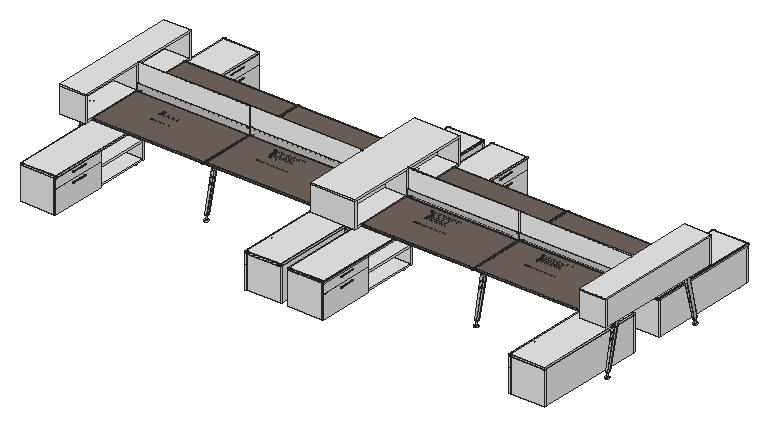
Revit family "T200005", category Furniture, Revit 2015 (continued)
Definition of nested family "OFS ELEMENT OPEN L DESK LEFT AND RIGHT 84in Width 60in Return"
  Parameters (values of type "ELEMENT OPEN L DESK RIGHT RETURN 84in Width 60in Return")
    Authoring Version = "Autodesk Revit Architecture 2013"
    Assembly Code = "E2020200"
  Types (3): name | Model | Left Return Desk Option | Left Desk Overlay | Description
    (no name) | "EL-T84RL60C" | yes | yes | "OFS BRANDS OFS ELEMENT OPEN L DESK RIGHT RETURN 84\" Width, 84\"W x 34.3125\"D DESK, 60\"W x 22\"D RETURN With Paper Organizer"
    ELEMENT OPEN L DESK LEFT RETURN 84in Width 60in Return | "EL-T84LL60C" | no | no | "OFS BRANDS OFS ELEMENT OPEN L DESK LEFT RETURN 84\" Width, 84\"W x 34.3125\"D DESK, 60\"W x 22\"D RETURN With Paper Organizer"
    ELEMENT OPEN L DESK RIGHT RETURN 84in Width 60in Return | "EL-T84RL60C" | yes | yes | "OFS BRANDS OFS ELEMENT OPEN L DESK RIGHT RETURN 84\" Width, 84\"W x 34.3125\"D DESK, 60\"W x 22\"D RETURN With Paper Organizer"
  Reference planes (in)
    plane 1 "Center Front/Back": y = 0
    plane 2: z = 0
    plane 3 "Center Left/Right": x = 0
    plane 4 "Back External": y = 17.15625
    plane 5 "Right External": x = 42
    plane 6 "Front External": y = -17.15625
    plane 7 "Left External": x = -42
    plane 8 "Seat Height": z = 29.5
    plane 9 "Height": z = 45
    plane 10: x = 40.8125
    plane 11: x = -40.8125
    plane 12: y = 12.84375
    plane 13: y = 11.65625
    plane 14: y = 3.65625
    plane 15: z = 40.5
    plane 16: z = 28.5
    plane 17: z = 43.875
    plane 18: z = 39.375
    plane 19: z = 0
    plane 20: x = 39.375
    plane 21: x = 2.625
    plane 22: x = 35.5
    plane 23: z = 6.5
    plane 24: z = 34
    plane 25: y = 12.96875
    plane 26: y = -77.15625
    plane 27: x = -20
    plane 28: x = 20
    plane 29: y = -75.96875
    plane 30: x = -37
    plane 31: x = 37
    plane 32: y = -47.15625
    plane 33: x = 6.5
    plane 34: y = -18.34375
    plane 35: y = -75.21875
    plane 36: x = -40.0625
    plane 37: y = -19.09375
    plane 38: x = -28.0625
    plane 39: z = 34.125
    plane 40: z = 39.75
    plane 41: z = 34.875
    plane 42: y = -61.5625
    plane 43: y = -32.75
    plane 44: x = -28.8125
    plane 45: x = 20
    plane 46: x = 37
    plane 47: y = -19.09375
    plane 48: x = 28.0625
    plane 49: y = -61.5625
    plane 50: y = -32.75
    plane 51: x = 28.8125
    plane 52: x = -39.375
    plane 53: x = -2.625
    plane 54: x = -35.5
    plane 55: x = -6.5
  Forms (in)
    Extrusion 1, solid, material <- "Chassis Material", visible <- "Left Return Desk Option"
      sketch origin (0, 0, 0) x (1, 0, 0) y (0, 1, 0)
        loop
          line (42, 12.84375) -> (0, 12.84375) -> (0, 11.65625) -> (40.8125, 11.65625) -> (40.8125, -17.15625) -> (42, -17.15625) -> (42, 12.84375)
      from 0 to 40.5
    Extrusion 2, solid, material <- "Chassis Material", visible <- "Left Return Desk Option"
      sketch origin (0, 0, 6) x (1, 0, 0) y (0, 1, 0)
        loop
          line (0, 11.65625) -> (0, 3.65625) -> (40.8125, 3.65625) -> (40.8125, 11.65625) -> (0, 11.65625)
      from 33.375 to 34.5
    Extrusion 3, solid, material <- "Transaction Shelf Material", visible <- "Left Return Desk Option"
      sketch origin (0, 0, 6) x (1, 0, 0) y (0, 1, 0)
        loop
          line (0, 17.15625) -> (0, 3.65625) -> (42, 3.65625) -> (42, 17.15625) -> (0, 17.15625)
      from 37.875 to 39
    Extrusion 4, solid, material <- "Standoffs Material", visible <- "Left Return Desk Option"
      sketch origin (44.5, 0, 0) x (1, 0, 0) y (0, 1, 0)
        loop
          circle (-41.875, 10.04085) r 0.625
      from 40.5 to 43.875
    Extrusion 5, solid, material <- "Standoffs Material", visible <- "Left Return Desk Option"
      sketch origin (44.5, -4.75, 0) x (1, 0, 0) y (0, 1, 0)
        loop
          circle (-41.875, 10.04085) r 0.625
      from 40.5 to 43.875
    Extrusion 6, solid, material <- "Standoffs Material", visible <- "Left Return Desk Option"
      sketch origin (66.75, 0, 0) x (1, 0, 0) y (0, 1, 0)
        loop
          circle (-27.375, 10.04085) r 0.625
      from 40.5 to 43.875
    Extrusion 7, solid, material <- "Standoffs Material", visible <- "Left Return Desk Option"
      sketch origin (66.75, -4.75, 0) x (1, 0, 0) y (0, 1, 0)
        loop
          circle (-27.375, 10.04085) r 0.625
      from 40.5 to 43.875
    Extrusion 8, solid, material <- "Chassis Material", visible <- "Left Return Desk Option"
      sketch origin (0, 0, 0) x (1, 0, 0) y (0, 1, 0)
        loop
          line (-42, -17.15625) -> (-42, -77.15625) -> (-20, -77.15625) -> (-20, -75.96875) -> (-40.8125, -75.96875) -> (-40.8125, -18.34375) -> (-20, -18.34375) -> (-20, -17.15625) -> (-42, -17.15625)
      from 0 to 40.5
    Extrusion 9, solid, material <- "Worksurface Material", visible <- "Left Return Desk Option"
      sketch origin (14.83926, -32.43958, 0) x (1, 0, 0) y (0, 1, 0)
        loop
          line (-55.65176, 14.09583) -> (-55.65176, -43.52917) -> (-34.83926, -43.52917) -> (-34.83926, 14.09583) -> (-55.65176, 14.09583)
      from 28.5 to 29.5
    Extrusion 10, solid, material <- "Desk Overlay Material", visible <- "Left Desk Overlay"
      sketch origin (0, 0, 0) x (1, 0, 0) y (0, 0, 1)
        loop
          line (35.5, 34) -> (6.5, 34) -> (6.5, 6.5) -> (35.5, 6.5) -> (35.5, 34)
      from -12.96875 to -12.84375
    Extrusion 11, solid, material <- "Chassis Material", visible <- "Left Return Desk Option"
      sketch origin (-18.5848, -3.95032, 0) x (1, 0, 0) y (0, 1, 0)
        loop
          line (19.7723, 15.60657) -> (18.5848, 15.60657) -> (18.5848, 3.95032) -> (19.7723, 3.95032) -> (19.7723, 15.60657)
      from 0 to 28.5
    Extrusion 12, solid, material <- "Paper Organizer Material", visible <- "Left Return Desk Option"
      sketch origin (0, 0, 0) x (1, 0, 0) y (0, 1, 0)
        loop
          line (-28.0625, -19.09375) -> (-28.0625, -18.34375) -> (-40.8125, -18.34375) -> (-40.8125, -75.96875) -> (-28.0625, -75.96875) -> (-28.0625, -75.21875) -> (-40.0625, -75.21875) -> (-40.0625, -19.09375) -> (-28.0625, -19.09375)
      from 34.125 to 40.5
    Extrusion 13, solid, material <- "Paper Organizer Material", visible <- "Left Return Desk Option"
      sketch origin (0, 0, 0) x (1, 0, 0) y (0, 1, 0)
        loop
          line (-40.8125, -18.34375) -> (-40.8125, -75.96875) -> (-28.0625, -75.96875) -> (-28.0625, -18.34375) -> (-40.8125, -18.34375)
      from 39.75 to 40.5
    Extrusion 14, solid, material <- "Paper Organizer Material", visible <- "Left Return Desk Option"
      sketch origin (0, 0, 0) x (1, 0, 0) y (0, 1, 0)
        loop
          line (-40.8125, -18.34375) -> (-40.8125, -75.96875) -> (-28.0625, -75.96875) -> (-28.0625, -18.34375) -> (-40.8125, -18.34375)
      from 34.125 to 34.875
    Extrusion 15, solid, material <- "Paper Organizer Material", visible <- "Left Return Desk Option"
      sketch origin (0, 0, 0) x (1, 0, 0) y (0, 1, 0)
        loop
          line (-40.0625, -32.625) -> (-40.0625, -32.875) -> (-28.8125, -32.875) -> (-28.8125, -32.625) -> (-40.0625, -32.625)
      from 34.875 to 39.75
    Extrusion 16, solid, material <- "Paper Organizer Material", visible <- "Left Return Desk Option"
      sketch origin (0, -11.40625, 0) x (1, 0, 0) y (0, 1, 0)
        loop
          line (-40.0625, -35.625) -> (-40.0625, -35.875) -> (-28.8125, -35.875) -> (-28.8125, -35.625) -> (-40.0625, -35.625)
      from 34.875 to 39.75
    Extrusion 17, solid, material <- "Paper Organizer Material", visible <- "Left Return Desk Option"
      sketch origin (0, -22.8125, 0) x (1, 0, 0) y (0, 1, 0)
        loop
          line (-40.0625, -38.625) -> (-40.0625, -38.875) -> (-28.8125, -38.875) -> (-28.8125, -38.625) -> (-40.0625, -38.625)
      from 34.875 to 39.75
    Extrusion 18, solid, material <- "Chassis Material", visible <- "Right Return Desk Option"
      sketch origin (0, 0, 0) x (-1, 0, 0) y (0, -1, 0)
        loop
          line (-42, 17.15625) -> (-20, 17.15625) -> (-20, 18.34375) -> (-40.8125, 18.34375) -> (-40.8125, 75.96875) -> (-20, 75.96875) -> (-20, 77.15625) -> (-42, 77.15625) -> (-42, 17.15625)
      from 0 to 40.5
    Extrusion 19, solid, material <- "Worksurface Material", visible <- "Right Return Desk Option"
      sketch origin (-14.83926, -32.43958, 0) x (-1, 0, 0) y (0, -1, 0)
        loop
          line (-55.65176, -14.09583) -> (-34.83926, -14.09583) -> (-34.83926, 43.52917) -> (-55.65176, 43.52917) -> (-55.65176, -14.09583)
      from 28.5 to 29.5
    Extrusion 20, solid, material <- "Paper Organizer Material", visible <- "Right Return Desk Option"
      sketch origin (0, 0, 0) x (-1, 0, 0) y (0, -1, 0)
        loop
          line (-28.0625, 19.09375) -> (-40.0625, 19.09375) -> (-40.0625, 75.21875) -> (-28.0625, 75.21875) -> (-28.0625, 75.96875) -> (-40.8125, 75.96875) -> (-40.8125, 18.34375) -> (-28.0625, 18.34375) -> (-28.0625, 19.09375)
      from 34.125 to 40.5
    Extrusion 21, solid, material <- "Paper Organizer Material", visible <- "Right Return Desk Option"
      sketch origin (0, 0, 0) x (-1, 0, 0) y (0, -1, 0)
        loop
          line (-40.8125, 18.34375) -> (-28.0625, 18.34375) -> (-28.0625, 75.96875) -> (-40.8125, 75.96875) -> (-40.8125, 18.34375)
      from 39.75 to 40.5
    Extrusion 22, solid, material <- "Paper Organizer Material", visible <- "Right Return Desk Option"
      sketch origin (0, 0, 0) x (-1, 0, 0) y (0, -1, 0)
        loop
          line (-40.8125, 18.34375) -> (-28.0625, 18.34375) -> (-28.0625, 75.96875) -> (-40.8125, 75.96875) -> (-40.8125, 18.34375)
      from 34.125 to 34.875
    Extrusion 23, solid, material <- "Paper Organizer Material", visible <- "Right Return Desk Option"
      sketch origin (0, 0, 0) x (-1, 0, 0) y (0, -1, 0)
        loop
          line (-40.0625, 32.625) -> (-28.8125, 32.625) -> (-28.8125, 32.875) -> (-40.0625, 32.875) -> (-40.0625, 32.625)
      from 34.875 to 39.75
    Extrusion 24, solid, material <- "Paper Organizer Material", visible <- "Right Return Desk Option"
      sketch origin (0, -11.40625, 0) x (-1, 0, 0) y (0, -1, 0)
        loop
          line (-40.0625, 35.625) -> (-28.8125, 35.625) -> (-28.8125, 35.875) -> (-40.0625, 35.875) -> (-40.0625, 35.625)
      from 34.875 to 39.75
    Extrusion 25, solid, material <- "Paper Organizer Material", visible <- "Right Return Desk Option"
      sketch origin (0, -22.8125, 0) x (-1, 0, 0) y (0, -1, 0)
        loop
          line (-40.0625, 38.625) -> (-28.8125, 38.625) -> (-28.8125, 38.875) -> (-40.0625, 38.875) -> (-40.0625, 38.625)
      from 34.875 to 39.75
    Extrusion 26, solid, material <- "Worksurface Material", visible <- "Right Return Desk Option"
      sketch origin (0, 0, 0) x (-1, 0, 0) y (0, -1, 0)
        loop
          line (-36, -11.65625) -> (40.8125, -11.65625) -> (40.8125, 17.15625) -> (-42, 17.15625) -> (-42, -5.65625)
          arc (-42, -5.65625) -> (-40.24264, -9.89889) -> (-36, -11.65625) r 6
      from 28.5 to 29.5
    Extrusion 27, solid, material <- "Chassis Material", visible <- "Right Return Desk Option"
      sketch origin (0, 0, 0) x (-1, 0, 0) y (0, -1, 0)
        loop
          line (42, -12.84375) -> (42, 17.15625) -> (40.8125, 17.15625) -> (40.8125, -11.65625) -> (0, -11.65625) -> (0, -12.84375) -> (42, -12.84375)
      from 0 to 40.5
    Extrusion 28, solid, material <- "Transaction Shelf Material", visible <- "Right Return Desk Option"
      sketch origin (0, 0, 6) x (-1, 0, 0) y (0, -1, 0)
        loop
          line (0, -17.15625) -> (42, -17.15625) -> (42, -3.65625) -> (0, -3.65625) -> (0, -17.15625)
      from 37.875 to 39
    Extrusion 29, solid, material <- "Standoffs Material", visible <- "Right Return Desk Option"
      sketch origin (-44.5, 0, 0) x (-1, 0, 0) y (0, -1, 0)
        loop
          circle (-41.875, -10.04085) r 0.625
      from 40.5 to 43.875
    Extrusion 30, solid, material <- "Standoffs Material", visible <- "Right Return Desk Option"
      sketch origin (-44.5, -4.75, 0) x (-1, 0, 0) y (0, -1, 0)
        loop
          circle (-41.875, -10.04085) r 0.625
      from 40.5 to 43.875
    Extrusion 31, solid, material <- "Standoffs Material", visible <- "Right Return Desk Option"
      sketch origin (-66.75, 0, 0) x (-1, 0, 0) y (0, -1, 0)
        loop
          circle (-27.375, -10.04085) r 0.625
      from 40.5 to 43.875
    Extrusion 32, solid, material <- "Standoffs Material", visible <- "Right Return Desk Option"
      sketch origin (-66.75, -4.75, 0) x (-1, 0, 0) y (0, -1, 0)
        loop
          circle (-27.375, -10.04085) r 0.625
      from 40.5 to 43.875
    Extrusion 33, solid, material <- "Chassis Material", visible <- "Right Return Desk Option"
      sketch origin (18.5848, -3.95032, 0) x (-1, 0, 0) y (0, -1, 0)
        loop
          line (19.7723, -15.60657) -> (19.7723, -3.95032) -> (18.5848, -3.95032) -> (18.5848, -15.60657) -> (19.7723, -15.60657)
      from 0 to 28.5
    Extrusion 34, solid, material <- "Chassis Material", visible <- "Right Return Desk Option"
      sketch origin (0, 0, 6) x (-1, 0, 0) y (0, -1, 0)
        loop
          line (0, -11.65625) -> (40.8125, -11.65625) -> (40.8125, -3.65625) -> (0, -3.65625) -> (0, -11.65625)
      from 33.375 to 34.5
    Extrusion 35, solid, material <- "Desk Overlay Material", visible <- "Right Desk Ovelay"
      sketch origin (0, 0, 0) x (-1, 0, 0) y (0, 0, -1)
        loop
          line (35.5, -34) -> (35.5, -6.5) -> (6.5, -6.5) -> (6.5, -34) -> (35.5, -34)
      from -12.96875 to -12.84375
    Extrusion 36, solid, material <- "Worksurface Material", visible <- "Left Return Desk Option"
      sketch origin (0, 0, 0) x (1, 0, 0) y (0, 1, 0)
        loop
          arc (-36, 11.65625) -> (-40.24264, 9.89889) -> (-42, 5.65625) r 6
          line (-42, 5.65625) -> (-42, -17.15625) -> (40.8125, -17.15625) -> (40.8125, 11.65625) -> (-36, 11.65625)
      from 28.5 to 29.5
  Cuts and joins
    joined: Extrusion 12, Extrusion 13, Extrusion 14
    joined: Extrusion 20, Extrusion 21, Extrusion 22
  Dimensions and locks (in)
    equal spacing: plane 7 "Left External", plane 3 "Center Left/Right", plane 5 "Right External"
    "Width": plane 7 "Left External" to plane 5 "Right External"
    equal spacing: plane 6 "Front External", plane 1 "Center Front/Back", plane 4 "Back External"
    "Desk Depth": plane 4 "Back External" to plane 6 "Front External"
    plane 8 "Seat Height" to level = 29 1/2"
    "Height": plane 9 "Height" to level
    "Lateral Board Thickness": plane 7 "Left External" to plane 11
    "Lateral Board Thickness": plane 10 to plane 5 "Right External"
    "Base Depth": plane 12 to plane 6 "Front External"
    "Back Board Thickness": plane 12 to plane 13
    "Table Depth": plane 4 "Back External" to plane 14
    plane 15 to level = 40 1/2"
    "Bottom Board Offset": plane 19 to level
    "Table Supp from Lateral": plane 5 "Right External" to plane 20
    "Table Supp from Lateral": plane 21 to plane 3 "Center Left/Right"
    "Desk Overlay": plane 5 "Right External" to plane 22
    "Desk Overlay": plane 24 to plane 15
    "Desk Overlay": plane 19 to plane 23
    "Desk Overlay Thickness": plane 25 to plane 12
    "Depth": plane 4 "Back External" to plane 26
    "Return Worksurface Width": plane 7 "Left External" to plane 27
    "Return Worksurface Width": plane 28 to plane 5 "Right External"
    "Back Board Thickness": plane 29 to plane 26
    plane 7 "Left External" to plane 30 = 5"
    plane 31 to plane 5 "Right External" = 5"
    equal spacing: plane 34, plane 43, plane 32, plane 42, plane 29
    "Desk Overlay": plane 33 to plane 3 "Center Left/Right"
    "Back Board Thickness": plane 6 "Front External" to plane 34
    "Paper Organizer Board Thickness": plane 34 to plane 37
    "Paper Organizer Board Thickness": plane 11 to plane 36
    "Paper Organizer Board Thickness": plane 35 to plane 29
    "Paper Organizer Depth": plane 11 to plane 38
    "Paper Organizer Clearance": plane 39 to plane 8 "Seat Height"
    "Paper Organizer Board Thickness": plane 15 to plane 40
    "Paper Organizer Board Thickness": plane 41 to plane 39
    "Paper Organizer Board Thickness": plane 44 to plane 38
    "Return Worksurface Width": plane 5 "Right External" to plane 45
    plane 29 to plane 26 = 1 3/16"
    plane 5 "Right External" to plane 46 = 5"
    plane 34 to plane 50 to plane 32 to plane 49 to plane 29 = 14 13/32", 14 13/32", 14 13/32", 14 13/32"
    "Paper Organizer Board Thickness": plane 34 to plane 47
    plane 35 to plane 29 = 3/4"
    "Paper Organizer Depth": plane 10 to plane 48
    "Paper Organizer Board Thickness": plane 51 to plane 48
    "Table Supp from Lateral": plane 53 to plane 3 "Center Left/Right"
    "Table Supp from Lateral": plane 7 "Left External" to plane 52
    locked: plane 7 "Left External" to plane 54 at 6.5
    aligned and locked: level to plane 2
    aligned and locked: Extrusion 1 sketch curve to plane 12
    aligned and locked: plane 5 "Right External" to Extrusion 1 sketch curve
    aligned and locked: Extrusion 1 sketch curve to plane 13
    aligned and locked: Extrusion 1 to plane 19
    aligned and locked: Extrusion 2 to plane 18
    aligned and locked: plane 10 to Extrusion 2
    aligned and locked: Extrusion 2 to plane 13
    aligned and locked: Extrusion 2 to plane 14
    aligned and locked: Extrusion 3 to plane 14
    aligned and locked: Extrusion 3 to plane 4 "Back External"
    aligned and locked: Extrusion 3 to plane 9 "Height"
    aligned and locked: Extrusion 3 to plane 17
    aligned and locked: plane 5 "Right External" to Extrusion 3
    aligned and locked: Extrusion 8 sketch curve to plane 29
    aligned and locked: plane 27 to Extrusion 8 sketch curve
    aligned and locked: plane 26 to Extrusion 8 sketch curve
    aligned and locked: Extrusion 8 sketch curve to plane 6 "Front External"
    aligned and locked: plane 11 to Extrusion 9
    aligned and locked: Extrusion 9 to plane 27
    aligned and locked: Extrusion 9 to plane 29
    aligned and locked: Extrusion 8 to plane 19
    aligned and locked: plane 15 to Extrusion 8
    aligned and locked: Extrusion 3 to plane 3 "Center Left/Right"
    aligned and locked: Extrusion 2 to plane 3 "Center Left/Right"
    aligned and locked: Extrusion 10 to plane 33
    aligned and locked: Extrusion 10 to plane 22
    aligned and locked: Extrusion 8 sketch curve to plane 34
    aligned and locked: Extrusion 9 to Extrusion 8 sketch curve
    aligned and locked: Extrusion 9 to Extrusion 8
    aligned and locked: plane 37 to Extrusion 12 sketch curve
    aligned and locked: plane 36 to Extrusion 12 sketch curve
    aligned and locked: Extrusion 12 sketch curve to plane 35
    aligned and locked: Extrusion 12 sketch curve to Extrusion 8  (x3)
    aligned and locked: plane 38 to Extrusion 12 sketch curve  (x2)
    aligned and locked: plane 15 to Extrusion 12
    aligned and locked: Extrusion 12 to plane 39
    aligned and locked: Extrusion 13 sketch curve to Extrusion 8  (x2)
    aligned and locked: Extrusion 13 sketch curve to Extrusion 12  (x2)
    aligned and locked: Extrusion 13 to plane 40
    aligned and locked: plane 15 to Extrusion 13
    aligned and locked: Extrusion 14 sketch curve to Extrusion 8  (x2)
    aligned and locked: plane 29 to Extrusion 14 sketch curve
    aligned and locked: Extrusion 14 sketch curve to plane 38
    aligned and locked: Extrusion 14 to plane 39
    aligned and locked: plane 41 to Extrusion 14
    aligned and locked: Extrusion 15 to plane 41
    aligned and locked: Extrusion 16 to plane 41
    aligned and locked: Extrusion 17 to plane 41
    aligned and locked: plane 40 to Extrusion 15
    aligned and locked: plane 40 to Extrusion 16
    aligned and locked: plane 40 to Extrusion 17
    aligned and locked: plane 29 to Extrusion 18 sketch curve
    aligned and locked: plane 45 to Extrusion 18 sketch curve
    aligned and locked: Extrusion 18 sketch curve to plane 26
    aligned and locked: plane 45 to Extrusion 19
    aligned and locked: plane 29 to Extrusion 19
    aligned and locked: Extrusion 18 sketch curve to plane 34
    aligned and locked: Extrusion 19 to Extrusion 18 sketch curve
    aligned and locked: Extrusion 18 to Extrusion 19
    aligned and locked: Extrusion 20 sketch curve to plane 47
    aligned and locked: plane 35 to Extrusion 20 sketch curve
    aligned and locked: Extrusion 18 to Extrusion 20 sketch curve
    aligned and locked: Extrusion 20 sketch curve to Extrusion 18  (x2)
    aligned and locked: Extrusion 20 sketch curve to plane 48
    aligned and locked: plane 48 to Extrusion 20 sketch curve
    aligned and locked: Extrusion 21 sketch curve to Extrusion 18  (x2)
    aligned and locked: Extrusion 21 sketch curve to Extrusion 20  (x2)
    aligned and locked: Extrusion 22 sketch curve to Extrusion 18  (x2)
    aligned and locked: Extrusion 22 sketch curve to plane 29
    aligned and locked: plane 48 to Extrusion 22 sketch curve
    aligned and locked: Extrusion 26 to Extrusion 27 sketch curve
    aligned and locked: Extrusion 27 sketch curve to Extrusion 26
    aligned and locked: Extrusion 26 to Extrusion 33
    aligned and locked: plane 55 to Extrusion 35
    aligned and locked: plane 54 to Extrusion 35
  Automatic sketch dimensions
    Extrusion 1 sketch curve to plane 3 "Center Left/Right" = 0"
    plane 6 "Front External" to Extrusion 1 sketch curve = 0"
    Extrusion 1 sketch curve to plane 10 = 0"
    Extrusion 2 sketch curve to plane 3 "Center Left/Right" = 0"
    Extrusion 2 sketch curve to plane 10 = 0"
    Extrusion 2 sketch curve to plane 14 = 0"
    Extrusion 2 sketch curve to plane 13 = 0"
    Extrusion 3 sketch curve to plane 3 "Center Left/Right" = 0"
    Extrusion 3 sketch curve to plane 5 "Right External" = 0"
    Extrusion 3 sketch curve to plane 14 = 0"
    Extrusion 3 sketch curve to plane 4 "Back External" = 0"
    Extrusion 4 sketch curve to plane 21 = 0"
    Extrusion 4 sketch curve to plane 13 = 1.6154"
    Extrusion 5 sketch curve to plane 21 = 0"
    plane 14 to Extrusion 5 sketch curve = 1.6346"
    Extrusion 6 sketch curve to plane 20 = 0"
    Extrusion 6 sketch curve to plane 13 = 1.6154"
    Extrusion 7 sketch curve to plane 20 = 0"
    plane 14 to Extrusion 7 sketch curve = 1.6346"
    Extrusion 8 sketch curve to plane 7 "Left External" = 0"
    Extrusion 8 sketch curve to plane 11 = 0"
    Extrusion 9 sketch curve to plane 11 = 0"
    Extrusion 9 sketch curve to plane 27 = 0"
    Extrusion 9 sketch curve to plane 29 = 0"
    Extrusion 9 sketch curve to plane 34 = 0"
    Extrusion 10 sketch curve to plane 24 = 0"
    Extrusion 10 sketch curve to plane 33 = 0"
    plane 22 to Extrusion 10 sketch curve = 0"
    Extrusion 10 sketch curve to plane 23 = 0"
    Extrusion 11 sketch curve to plane 3 "Center Left/Right" = 0"
    plane 1 "Center Front/Back" to Extrusion 11 sketch curve = 0"
    Extrusion 11 sketch curve to plane 13 = 0"
    Extrusion 11 sketch curve to Extrusion 11 sketch curve = 1 3/16"
    Extrusion 12 sketch curve to plane 37 = 0"
    Extrusion 15 sketch curve to plane 36 = 0"
    Extrusion 15 sketch curve to plane 44 = 0"
    Extrusion 15 sketch curve to plane 43 = 1/8"
    plane 43 to Extrusion 15 sketch curve = 1/8"
    Extrusion 16 sketch curve to plane 36 = 0"
    Extrusion 16 sketch curve to plane 44 = 0"
    Extrusion 16 sketch curve to plane 32 = 1/8"
    plane 32 to Extrusion 16 sketch curve = 1/8"
    Extrusion 17 sketch curve to plane 36 = 0"
    Extrusion 17 sketch curve to plane 44 = 0"
    Extrusion 17 sketch curve to plane 42 = 1/8"
    plane 42 to Extrusion 17 sketch curve = 1/8"
    Extrusion 18 sketch curve to plane 5 "Right External" = 0"
    Extrusion 18 sketch curve to plane 10 = 0"
    Extrusion 18 sketch curve to plane 6 "Front External" = 0"
    Extrusion 19 sketch curve to plane 10 = 0"
    Extrusion 19 sketch curve to plane 28 = 0"
    Extrusion 19 sketch curve to plane 29 = 0"
    plane 34 to Extrusion 19 sketch curve = 0"
    plane 37 to Extrusion 20 sketch curve = 0"
    plane 20 to Extrusion 20 sketch curve = 11/16"
    Extrusion 23 sketch curve to plane 51 = 0"
    plane 43 to Extrusion 23 sketch curve = 1/8"
    Extrusion 23 sketch curve to plane 43 = 1/8"
    plane 20 to Extrusion 23 sketch curve = 11/16"
    Extrusion 24 sketch curve to plane 51 = 0"
    plane 32 to Extrusion 24 sketch curve = 1/8"
    Extrusion 24 sketch curve to plane 32 = 1/8"
    plane 20 to Extrusion 24 sketch curve = 11/16"
    Extrusion 25 sketch curve to plane 51 = 0"
    plane 42 to Extrusion 25 sketch curve = 1/8"
    Extrusion 25 sketch curve to plane 42 = 1/8"
    plane 20 to Extrusion 25 sketch curve = 11/16"
    Extrusion 26 sketch curve to plane 5 "Right External" = 0"
    Extrusion 26 sketch curve to plane 13 = 0"
    Extrusion 26 sketch curve to plane 11 = 0"
    Extrusion 26 sketch curve to plane 6 "Front External" = 0"
    plane 22 to Extrusion 26 sketch curve = 1/2"
    Extrusion 27 sketch curve to plane 3 "Center Left/Right" = 0"
    Extrusion 27 sketch curve to plane 7 "Left External" = 0"
    Extrusion 27 sketch curve to plane 13 = 0"
    Extrusion 27 sketch curve to plane 12 = 0"
    Extrusion 28 sketch curve to plane 3 "Center Left/Right" = 0"
    Extrusion 28 sketch curve to plane 7 "Left External" = 0"
    Extrusion 28 sketch curve to plane 4 "Back External" = 0"
    Extrusion 28 sketch curve to plane 14 = 0"
    Extrusion 29 sketch curve to plane 53 = 0"
    plane 13 to Extrusion 29 sketch curve = 1.6154"
    Extrusion 30 sketch curve to plane 53 = 0"
    Extrusion 30 sketch curve to plane 14 = 1.6346"
    Extrusion 31 sketch curve to plane 52 = 0"
    plane 13 to Extrusion 31 sketch curve = 1.6154"
    Extrusion 32 sketch curve to plane 52 = 0"
    Extrusion 32 sketch curve to plane 14 = 1.6346"
    Extrusion 33 sketch curve to plane 3 "Center Left/Right" = 0"
    plane 1 "Center Front/Back" to Extrusion 33 sketch curve = 0"
    Extrusion 33 sketch curve to plane 13 = 0"
    Extrusion 33 sketch curve to Extrusion 33 sketch curve = 1 3/16"
    Extrusion 34 sketch curve to plane 3 "Center Left/Right" = 0"
    Extrusion 34 sketch curve to plane 11 = 0"
    Extrusion 34 sketch curve to plane 13 = 0"
    Extrusion 34 sketch curve to plane 14 = 0"
    Extrusion 35 sketch curve to plane 24 = 0"
    plane 55 to Extrusion 35 sketch curve = 0"
    Extrusion 35 sketch curve to plane 23 = 0"
    plane 54 to Extrusion 35 sketch curve = 0"
    Extrusion 36 sketch curve to plane 7 "Left External" = 0"
    Extrusion 36 sketch curve to plane 13 = 0"
    Extrusion 36 sketch curve to plane 10 = 0"
    plane 6 "Front External" to Extrusion 36 sketch curve = 0"
    Extrusion 36 sketch curve to plane 54 = 1/2"
    radius of Extrusion 4 sketch curve = 5/8"
    radius of Extrusion 5 sketch curve = 5/8"
    radius of Extrusion 6 sketch curve = 5/8"
    radius of Extrusion 7 sketch curve = 5/8"
    radius of Extrusion 29 sketch curve = 5/8"
    radius of Extrusion 30 sketch curve = 5/8"
    radius of Extrusion 31 sketch curve = 5/8"
    radius of Extrusion 32 sketch curve = 5/8"
Types (3): name | Description
  (no name) | "OFS TYPICAL T200005"
  T200 | "OFS TYPICAL T200"
  T200005 | "OFS TYPICAL T200005"
